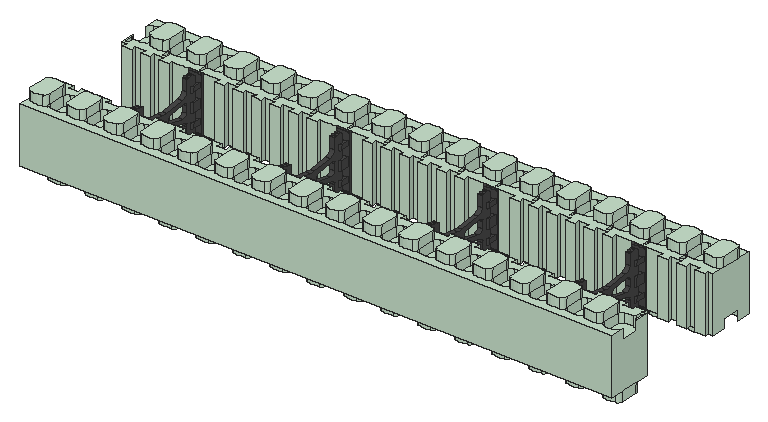
Revit family
Reference planes
  plane 1 "Center (Front/Back)": y = 0
  plane 2: z = 0
  plane 3 "Center (Left/Right)": x = 0
Forms (mm)
  Extrusion 1, solid, material "NUDURA Expanded Polystyrene Foam Insulation"
    sketch origin (0, 0.506, 0) x (1, 0, 0) y (0, 1, 0)
      loop
        line (0, 60.325) -> (0, 0) -> (812.8, 0) -> (812.8, 60.325) -> (805.658, 60.325) -> (807.242, 66.675) -> (792.958, 66.675) -> (794.542, 60.325) -> (780.258, 60.325) -> (781.842, 66.675) -> (767.558, 66.675) -> (769.142, 60.325) -> (754.858, 60.325) -> (756.442, 66.675) -> (742.158, 66.675) -> (743.742, 60.325) -> (678.658, 60.325) -> (680.242, 66.675) -> (665.958, 66.675) -> (667.542, 60.325) -> (653.258, 60.325) -> (654.842, 66.675) -> (640.558, 66.675) -> (642.142, 60.325) -> (627.858, 60.325) -> (629.442, 66.675) -> (615.158, 66.675) -> (616.742, 60.325) -> (602.458, 60.325) -> (604.042, 66.675) -> (589.758, 66.675) -> (591.342, 60.325) -> (577.058, 60.325) -> (578.642, 66.675) -> (564.358, 66.675) -> (565.942, 60.325) -> (551.658, 60.325) -> (553.242, 66.675) -> (538.958, 66.675) -> (540.542, 60.325) -> (475.458, 60.325) -> (477.042, 66.675) -> (462.758, 66.675) -> (464.342, 60.325) -> (450.058, 60.325) -> (451.642, 66.675) -> (437.358, 66.675) -> (438.942, 60.325) -> (424.658, 60.325) -> (426.242, 66.675) -> (411.958, 66.675) -> (413.542, 60.325) -> (399.258, 60.325) -> (400.842, 66.675) -> (386.558, 66.675) -> (388.142, 60.325) -> (373.858, 60.325) -> (375.442, 66.675) -> (361.158, 66.675) -> (362.742, 60.325) -> (348.458, 60.325) -> (350.042, 66.675) -> (335.758, 66.675) -> (337.342, 60.325) -> (272.258, 60.325) -> (273.842, 66.675) -> (259.558, 66.675) -> (261.142, 60.325) -> (246.858, 60.325) -> (248.442, 66.675) -> (234.158, 66.675) -> (235.742, 60.325) -> (221.458, 60.325) -> (223.042, 66.675) -> (208.758, 66.675) -> (210.342, 60.325) -> (196.058, 60.325) -> (197.642, 66.675) -> (183.358, 66.675) -> (184.942, 60.325) -> (170.658, 60.325) -> (172.242, 66.675) -> (157.958, 66.675) -> (159.542, 60.325) -> (145.258, 60.325) -> (146.842, 66.675) -> (132.558, 66.675) -> (134.142, 60.325) -> (69.058, 60.325) -> (70.642, 66.675) -> (56.358, 66.675) -> (57.942, 60.325) -> (43.658, 60.325) -> (45.242, 66.675) -> (30.958, 66.675) -> (32.542, 60.325) -> (18.258, 60.325) -> (19.842, 66.675) -> (5.558, 66.675) -> (7.142, 60.325) -> (0, 60.325)
      loop
        line (0, 174.625) -> (7.142, 174.625) -> (5.558, 168.275) -> (19.842, 168.275) -> (18.258, 174.625) -> (32.542, 174.625) -> (30.958, 168.275) -> (45.242, 168.275) -> (43.658, 174.625) -> (57.942, 174.625) -> (56.358, 168.275) -> (70.642, 168.275) -> (69.058, 174.625) -> (134.142, 174.625) -> (132.558, 168.275) -> (146.842, 168.275) -> (145.258, 174.625) -> (159.542, 174.625) -> (157.958, 168.275) -> (172.242, 168.275) -> (170.658, 174.625) -> (184.942, 174.625) -> (183.358, 168.275) -> (197.642, 168.275) -> (196.058, 174.625) -> (210.342, 174.625) -> (208.758, 168.275) -> (223.042, 168.275) -> (221.458, 174.625) -> (235.742, 174.625) -> (234.158, 168.275) -> (248.442, 168.275) -> (246.858, 174.625) -> (261.142, 174.625) -> (259.558, 168.275) -> (273.842, 168.275) -> (272.258, 174.625) -> (337.342, 174.625) -> (335.758, 168.275) -> (350.042, 168.275) -> (348.458, 174.625) -> (362.742, 174.625) -> (361.158, 168.275) -> (375.442, 168.275) -> (373.858, 174.625) -> (388.142, 174.625) -> (386.558, 168.275) -> (400.842, 168.275) -> (399.258, 174.625) -> (413.542, 174.625) -> (411.958, 168.275) -> (426.242, 168.275) -> (424.658, 174.625) -> (438.942, 174.625) -> (437.358, 168.275) -> (451.642, 168.275) -> (450.058, 174.625) -> (464.342, 174.625) -> (462.758, 168.275) -> (477.042, 168.275) -> (475.458, 174.625) -> (540.542, 174.625) -> (538.958, 168.275) -> (553.242, 168.275) -> (551.658, 174.625) -> (565.942, 174.625) -> (564.358, 168.275) -> (578.642, 168.275) -> (577.058, 174.625) -> (591.342, 174.625) -> (589.758, 168.275) -> (604.042, 168.275) -> (602.458, 174.625) -> (616.742, 174.625) -> (615.158, 168.275) -> (629.442, 168.275) -> (627.858, 174.625) -> (642.142, 174.625) -> (640.558, 168.275) -> (654.842, 168.275) -> (653.258, 174.625) -> (667.542, 174.625) -> (665.958, 168.275) -> (680.242, 168.275) -> (678.658, 174.625) -> (743.742, 174.625) -> (742.158, 168.275) -> (756.442, 168.275) -> (754.858, 174.625) -> (769.142, 174.625) -> (767.558, 168.275) -> (781.842, 168.275) -> (780.258, 174.625) -> (794.542, 174.625) -> (792.958, 168.275) -> (807.242, 168.275) -> (805.658, 174.625) -> (812.8, 174.625) -> (812.8, 234.95) -> (0, 234.95) -> (0, 174.625)
    from 0 to 76.2
  Extrusion 2, void
    sketch origin (0, 0.506, 0) x (1, 0, 0) y (0, 1, 0)
      loop
        line (44.346, 56.046) -> (44.346, 50.418)
        arc (44.346, 50.418) -> (43.786, 49.207) -> (42.5, 48.851) r 1.587
        arc (42.5, 48.851) -> (36.091, 49.138) -> (29.796, 47.903) r 26.987
        arc (29.796, 47.903) -> (26.615, 45.597) -> (25.4, 41.861) r 6.35
        line (25.4, 41.861) -> (25.4, 18.464)
        arc (25.4, 18.464) -> (26.615, 14.728) -> (29.796, 12.422) r 6.35
        arc (29.796, 12.422) -> (38.1, 11.112) -> (46.404, 12.422) r 26.987
        arc (46.404, 12.422) -> (49.585, 14.728) -> (50.8, 18.464) r 6.35
        line (50.8, 18.464) -> (50.8, 41.861)
        arc (50.8, 41.861) -> (50.362, 44.179) -> (49.108, 46.177) r 6.35
        arc (49.108, 46.177) -> (48.795, 46.676) -> (48.685, 47.255) r 1.588
        line (48.685, 47.255) -> (48.685, 56.046) -> (44.346, 56.046)
    from 76.2 to 63.5
  Extrusion 3, void
    sketch origin (50.8, 0.506, 0) x (1, 0, 0) y (0, 1, 0)
      loop
        line (44.346, 56.046) -> (44.346, 50.418)
        arc (44.346, 50.418) -> (43.786, 49.207) -> (42.5, 48.851) r 1.587
        arc (42.5, 48.851) -> (36.091, 49.138) -> (29.796, 47.903) r 26.987
        arc (29.796, 47.903) -> (26.615, 45.597) -> (25.4, 41.861) r 6.35
        line (25.4, 41.861) -> (25.4, 18.464)
        arc (25.4, 18.464) -> (26.615, 14.728) -> (29.796, 12.422) r 6.35
        arc (29.796, 12.422) -> (38.1, 11.112) -> (46.404, 12.422) r 26.987
        arc (46.404, 12.422) -> (49.585, 14.728) -> (50.8, 18.464) r 6.35
        line (50.8, 18.464) -> (50.8, 41.861)
        arc (50.8, 41.861) -> (50.362, 44.179) -> (49.108, 46.177) r 6.35
        arc (49.108, 46.177) -> (48.795, 46.676) -> (48.685, 47.255) r 1.588
        line (48.685, 47.255) -> (48.685, 56.046) -> (44.346, 56.046)
    from 76.2 to 63.5
  Extrusion 4, void
    sketch origin (101.6, 0.506, 0) x (1, 0, 0) y (0, 1, 0)
      loop
        line (44.346, 56.046) -> (44.346, 50.418)
        arc (44.346, 50.418) -> (43.786, 49.207) -> (42.5, 48.851) r 1.587
        arc (42.5, 48.851) -> (36.091, 49.138) -> (29.796, 47.903) r 26.987
        arc (29.796, 47.903) -> (26.615, 45.597) -> (25.4, 41.861) r 6.35
        line (25.4, 41.861) -> (25.4, 18.464)
        arc (25.4, 18.464) -> (26.615, 14.728) -> (29.796, 12.422) r 6.35
        arc (29.796, 12.422) -> (38.1, 11.112) -> (46.404, 12.422) r 26.987
        arc (46.404, 12.422) -> (49.585, 14.728) -> (50.8, 18.464) r 6.35
        line (50.8, 18.464) -> (50.8, 41.861)
        arc (50.8, 41.861) -> (50.362, 44.179) -> (49.108, 46.177) r 6.35
        arc (49.108, 46.177) -> (48.795, 46.676) -> (48.685, 47.255) r 1.588
        line (48.685, 47.255) -> (48.685, 56.046) -> (44.346, 56.046)
    from 76.2 to 63.5
  Extrusion 5, void
    sketch origin (152.4, 0.506, 0) x (1, 0, 0) y (0, 1, 0)
      loop
        line (44.346, 56.046) -> (44.346, 50.418)
        arc (44.346, 50.418) -> (43.786, 49.207) -> (42.5, 48.851) r 1.587
        arc (42.5, 48.851) -> (36.091, 49.138) -> (29.796, 47.903) r 26.987
        arc (29.796, 47.903) -> (26.615, 45.597) -> (25.4, 41.861) r 6.35
        line (25.4, 41.861) -> (25.4, 18.464)
        arc (25.4, 18.464) -> (26.615, 14.728) -> (29.796, 12.422) r 6.35
        arc (29.796, 12.422) -> (38.1, 11.112) -> (46.404, 12.422) r 26.987
        arc (46.404, 12.422) -> (49.585, 14.728) -> (50.8, 18.464) r 6.35
        line (50.8, 18.464) -> (50.8, 41.861)
        arc (50.8, 41.861) -> (50.362, 44.179) -> (49.108, 46.177) r 6.35
        arc (49.108, 46.177) -> (48.795, 46.676) -> (48.685, 47.255) r 1.588
        line (48.685, 47.255) -> (48.685, 56.046) -> (44.346, 56.046)
    from 76.2 to 63.5
  Extrusion 6, void
    sketch origin (203.2, 0.506, 0) x (1, 0, 0) y (0, 1, 0)
      loop
        line (44.346, 56.046) -> (44.346, 50.418)
        arc (44.346, 50.418) -> (43.786, 49.207) -> (42.5, 48.851) r 1.587
        arc (42.5, 48.851) -> (36.091, 49.138) -> (29.796, 47.903) r 26.987
        arc (29.796, 47.903) -> (26.615, 45.597) -> (25.4, 41.861) r 6.35
        line (25.4, 41.861) -> (25.4, 18.464)
        arc (25.4, 18.464) -> (26.615, 14.728) -> (29.796, 12.422) r 6.35
        arc (29.796, 12.422) -> (38.1, 11.112) -> (46.404, 12.422) r 26.987
        arc (46.404, 12.422) -> (49.585, 14.728) -> (50.8, 18.464) r 6.35
        line (50.8, 18.464) -> (50.8, 41.861)
        arc (50.8, 41.861) -> (50.362, 44.179) -> (49.108, 46.177) r 6.35
        arc (49.108, 46.177) -> (48.795, 46.676) -> (48.685, 47.255) r 1.588
        line (48.685, 47.255) -> (48.685, 56.046) -> (44.346, 56.046)
    from 76.2 to 63.5
  Extrusion 7, void
    sketch origin (254, 0.506, 0) x (1, 0, 0) y (0, 1, 0)
      loop
        line (44.346, 56.046) -> (44.346, 50.418)
        arc (44.346, 50.418) -> (43.786, 49.207) -> (42.5, 48.851) r 1.587
        arc (42.5, 48.851) -> (36.091, 49.138) -> (29.796, 47.903) r 26.987
        arc (29.796, 47.903) -> (26.615, 45.597) -> (25.4, 41.861) r 6.35
        line (25.4, 41.861) -> (25.4, 18.464)
        arc (25.4, 18.464) -> (26.615, 14.728) -> (29.796, 12.422) r 6.35
        arc (29.796, 12.422) -> (38.1, 11.112) -> (46.404, 12.422) r 26.987
        arc (46.404, 12.422) -> (49.585, 14.728) -> (50.8, 18.464) r 6.35
        line (50.8, 18.464) -> (50.8, 41.861)
        arc (50.8, 41.861) -> (50.362, 44.179) -> (49.108, 46.177) r 6.35
        arc (49.108, 46.177) -> (48.795, 46.676) -> (48.685, 47.255) r 1.588
        line (48.685, 47.255) -> (48.685, 56.046) -> (44.346, 56.046)
    from 76.2 to 63.5
  Extrusion 8, void
    sketch origin (304.8, 0.506, 0) x (1, 0, 0) y (0, 1, 0)
      loop
        line (44.346, 56.046) -> (44.346, 50.418)
        arc (44.346, 50.418) -> (43.786, 49.207) -> (42.5, 48.851) r 1.587
        arc (42.5, 48.851) -> (36.091, 49.138) -> (29.796, 47.903) r 26.987
        arc (29.796, 47.903) -> (26.615, 45.597) -> (25.4, 41.861) r 6.35
        line (25.4, 41.861) -> (25.4, 18.464)
        arc (25.4, 18.464) -> (26.615, 14.728) -> (29.796, 12.422) r 6.35
        arc (29.796, 12.422) -> (38.1, 11.112) -> (46.404, 12.422) r 26.987
        arc (46.404, 12.422) -> (49.585, 14.728) -> (50.8, 18.464) r 6.35
        line (50.8, 18.464) -> (50.8, 41.861)
        arc (50.8, 41.861) -> (50.362, 44.179) -> (49.108, 46.177) r 6.35
        arc (49.108, 46.177) -> (48.795, 46.676) -> (48.685, 47.255) r 1.588
        line (48.685, 47.255) -> (48.685, 56.046) -> (44.346, 56.046)
    from 76.2 to 63.5
  Extrusion 9, void
    sketch origin (355.6, 0.506, 0) x (1, 0, 0) y (0, 1, 0)
      loop
        line (44.346, 56.046) -> (44.346, 50.418)
        arc (44.346, 50.418) -> (43.786, 49.207) -> (42.5, 48.851) r 1.587
        arc (42.5, 48.851) -> (36.091, 49.138) -> (29.796, 47.903) r 26.987
        arc (29.796, 47.903) -> (26.615, 45.597) -> (25.4, 41.861) r 6.35
        line (25.4, 41.861) -> (25.4, 18.464)
        arc (25.4, 18.464) -> (26.615, 14.728) -> (29.796, 12.422) r 6.35
        arc (29.796, 12.422) -> (38.1, 11.112) -> (46.404, 12.422) r 26.987
        arc (46.404, 12.422) -> (49.585, 14.728) -> (50.8, 18.464) r 6.35
        line (50.8, 18.464) -> (50.8, 41.861)
        arc (50.8, 41.861) -> (50.362, 44.179) -> (49.108, 46.177) r 6.35
        arc (49.108, 46.177) -> (48.795, 46.676) -> (48.685, 47.255) r 1.588
        line (48.685, 47.255) -> (48.685, 56.046) -> (44.346, 56.046)
    from 76.2 to 63.5
  Extrusion 10, void
    sketch origin (406.4, 0.506, 0) x (1, 0, 0) y (0, 1, 0)
      loop
        line (44.346, 56.046) -> (44.346, 50.418)
        arc (44.346, 50.418) -> (43.786, 49.207) -> (42.5, 48.851) r 1.587
        arc (42.5, 48.851) -> (36.091, 49.138) -> (29.796, 47.903) r 26.987
        arc (29.796, 47.903) -> (26.615, 45.597) -> (25.4, 41.861) r 6.35
        line (25.4, 41.861) -> (25.4, 18.464)
        arc (25.4, 18.464) -> (26.615, 14.728) -> (29.796, 12.422) r 6.35
        arc (29.796, 12.422) -> (38.1, 11.112) -> (46.404, 12.422) r 26.987
        arc (46.404, 12.422) -> (49.585, 14.728) -> (50.8, 18.464) r 6.35
        line (50.8, 18.464) -> (50.8, 41.861)
        arc (50.8, 41.861) -> (50.362, 44.179) -> (49.108, 46.177) r 6.35
        arc (49.108, 46.177) -> (48.795, 46.676) -> (48.685, 47.255) r 1.588
        line (48.685, 47.255) -> (48.685, 56.046) -> (44.346, 56.046)
    from 76.2 to 63.5
  Extrusion 11, void
    sketch origin (457.2, 0.506, 0) x (1, 0, 0) y (0, 1, 0)
      loop
        line (44.346, 56.046) -> (44.346, 50.418)
        arc (44.346, 50.418) -> (43.786, 49.207) -> (42.5, 48.851) r 1.587
        arc (42.5, 48.851) -> (36.091, 49.138) -> (29.796, 47.903) r 26.987
        arc (29.796, 47.903) -> (26.615, 45.597) -> (25.4, 41.861) r 6.35
        line (25.4, 41.861) -> (25.4, 18.464)
        arc (25.4, 18.464) -> (26.615, 14.728) -> (29.796, 12.422) r 6.35
        arc (29.796, 12.422) -> (38.1, 11.112) -> (46.404, 12.422) r 26.987
        arc (46.404, 12.422) -> (49.585, 14.728) -> (50.8, 18.464) r 6.35
        line (50.8, 18.464) -> (50.8, 41.861)
        arc (50.8, 41.861) -> (50.362, 44.179) -> (49.108, 46.177) r 6.35
        arc (49.108, 46.177) -> (48.795, 46.676) -> (48.685, 47.255) r 1.588
        line (48.685, 47.255) -> (48.685, 56.046) -> (44.346, 56.046)
    from 76.2 to 63.5
  Extrusion 12, void
    sketch origin (508, 0.506, 0) x (1, 0, 0) y (0, 1, 0)
      loop
        line (44.346, 56.046) -> (44.346, 50.418)
        arc (44.346, 50.418) -> (43.786, 49.207) -> (42.5, 48.851) r 1.587
        arc (42.5, 48.851) -> (36.091, 49.138) -> (29.796, 47.903) r 26.987
        arc (29.796, 47.903) -> (26.615, 45.597) -> (25.4, 41.861) r 6.35
        line (25.4, 41.861) -> (25.4, 18.464)
        arc (25.4, 18.464) -> (26.615, 14.728) -> (29.796, 12.422) r 6.35
        arc (29.796, 12.422) -> (38.1, 11.112) -> (46.404, 12.422) r 26.987
        arc (46.404, 12.422) -> (49.585, 14.728) -> (50.8, 18.464) r 6.35
        line (50.8, 18.464) -> (50.8, 41.861)
        arc (50.8, 41.861) -> (50.362, 44.179) -> (49.108, 46.177) r 6.35
        arc (49.108, 46.177) -> (48.795, 46.676) -> (48.685, 47.255) r 1.588
        line (48.685, 47.255) -> (48.685, 56.046) -> (44.346, 56.046)
    from 76.2 to 63.5
  Extrusion 13, void
    sketch origin (558.8, 0.506, 0) x (1, 0, 0) y (0, 1, 0)
      loop
        line (44.346, 56.046) -> (44.346, 50.418)
        arc (44.346, 50.418) -> (43.786, 49.207) -> (42.5, 48.851) r 1.587
        arc (42.5, 48.851) -> (36.091, 49.138) -> (29.796, 47.903) r 26.987
        arc (29.796, 47.903) -> (26.615, 45.597) -> (25.4, 41.861) r 6.35
        line (25.4, 41.861) -> (25.4, 18.464)
        arc (25.4, 18.464) -> (26.615, 14.728) -> (29.796, 12.422) r 6.35
        arc (29.796, 12.422) -> (38.1, 11.112) -> (46.404, 12.422) r 26.987
        arc (46.404, 12.422) -> (49.585, 14.728) -> (50.8, 18.464) r 6.35
        line (50.8, 18.464) -> (50.8, 41.861)
        arc (50.8, 41.861) -> (50.362, 44.179) -> (49.108, 46.177) r 6.35
        arc (49.108, 46.177) -> (48.795, 46.676) -> (48.685, 47.255) r 1.588
        line (48.685, 47.255) -> (48.685, 56.046) -> (44.346, 56.046)
    from 76.2 to 63.5
  Extrusion 14, void
    sketch origin (609.6, 0.506, 0) x (1, 0, 0) y (0, 1, 0)
      loop
        line (44.346, 56.046) -> (44.346, 50.418)
        arc (44.346, 50.418) -> (43.786, 49.207) -> (42.5, 48.851) r 1.587
        arc (42.5, 48.851) -> (36.091, 49.138) -> (29.796, 47.903) r 26.987
        arc (29.796, 47.903) -> (26.615, 45.597) -> (25.4, 41.861) r 6.35
        line (25.4, 41.861) -> (25.4, 18.464)
        arc (25.4, 18.464) -> (26.615, 14.728) -> (29.796, 12.422) r 6.35
        arc (29.796, 12.422) -> (38.1, 11.112) -> (46.404, 12.422) r 26.987
        arc (46.404, 12.422) -> (49.585, 14.728) -> (50.8, 18.464) r 6.35
        line (50.8, 18.464) -> (50.8, 41.861)
        arc (50.8, 41.861) -> (50.362, 44.179) -> (49.108, 46.177) r 6.35
        arc (49.108, 46.177) -> (48.795, 46.676) -> (48.685, 47.255) r 1.588
        line (48.685, 47.255) -> (48.685, 56.046) -> (44.346, 56.046)
    from 76.2 to 63.5
  Extrusion 15, void
    sketch origin (660.4, 0.506, 0) x (1, 0, 0) y (0, 1, 0)
      loop
        line (44.346, 56.046) -> (44.346, 50.418)
        arc (44.346, 50.418) -> (43.786, 49.207) -> (42.5, 48.851) r 1.587
        arc (42.5, 48.851) -> (36.091, 49.138) -> (29.796, 47.903) r 26.987
        arc (29.796, 47.903) -> (26.615, 45.597) -> (25.4, 41.861) r 6.35
        line (25.4, 41.861) -> (25.4, 18.464)
        arc (25.4, 18.464) -> (26.615, 14.728) -> (29.796, 12.422) r 6.35
        arc (29.796, 12.422) -> (38.1, 11.112) -> (46.404, 12.422) r 26.987
        arc (46.404, 12.422) -> (49.585, 14.728) -> (50.8, 18.464) r 6.35
        line (50.8, 18.464) -> (50.8, 41.861)
        arc (50.8, 41.861) -> (50.362, 44.179) -> (49.108, 46.177) r 6.35
        arc (49.108, 46.177) -> (48.795, 46.676) -> (48.685, 47.255) r 1.588
        line (48.685, 47.255) -> (48.685, 56.046) -> (44.346, 56.046)
    from 76.2 to 63.5
  Extrusion 16, void
    sketch origin (711.2, 0.506, 0) x (1, 0, 0) y (0, 1, 0)
      loop
        line (44.346, 56.046) -> (44.346, 50.418)
        arc (44.346, 50.418) -> (43.786, 49.207) -> (42.5, 48.851) r 1.587
        arc (42.5, 48.851) -> (36.091, 49.138) -> (29.796, 47.903) r 26.987
        arc (29.796, 47.903) -> (26.615, 45.597) -> (25.4, 41.861) r 6.35
        line (25.4, 41.861) -> (25.4, 18.464)
        arc (25.4, 18.464) -> (26.615, 14.728) -> (29.796, 12.422) r 6.35
        arc (29.796, 12.422) -> (38.1, 11.112) -> (46.404, 12.422) r 26.987
        arc (46.404, 12.422) -> (49.585, 14.728) -> (50.8, 18.464) r 6.35
        line (50.8, 18.464) -> (50.8, 41.861)
        arc (50.8, 41.861) -> (50.362, 44.179) -> (49.108, 46.177) r 6.35
        arc (49.108, 46.177) -> (48.795, 46.676) -> (48.685, 47.255) r 1.588
        line (48.685, 47.255) -> (48.685, 56.046) -> (44.346, 56.046)
    from 76.2 to 63.5
  Extrusion 17, void
    sketch origin (762, 0.506, 0) x (1, 0, 0) y (0, 1, 0)
      loop
        line (44.346, 56.046) -> (44.346, 50.418)
        arc (44.346, 50.418) -> (43.786, 49.207) -> (42.5, 48.851) r 1.587
        arc (42.5, 48.851) -> (36.091, 49.138) -> (29.796, 47.903) r 26.987
        arc (29.796, 47.903) -> (26.615, 45.597) -> (25.4, 41.861) r 6.35
        line (25.4, 41.861) -> (25.4, 18.464)
        arc (25.4, 18.464) -> (26.615, 14.728) -> (29.796, 12.422) r 6.35
        arc (29.796, 12.422) -> (38.1, 11.112) -> (46.404, 12.422) r 26.987
        arc (46.404, 12.422) -> (49.585, 14.728) -> (50.8, 18.464) r 6.35
        line (50.8, 18.464) -> (50.8, 41.861)
        arc (50.8, 41.861) -> (50.362, 44.179) -> (49.108, 46.177) r 6.35
        arc (49.108, 46.177) -> (48.795, 46.676) -> (48.685, 47.255) r 1.588
        line (48.685, 47.255) -> (48.685, 56.046) -> (44.346, 56.046)
    from 76.2 to 63.5
  Extrusion 18, void
    sketch origin (0, 0.506, 0) x (1, 0, 0) y (0, 1, 0)
      loop
        line (6.454, 56.046) -> (2.115, 56.046) -> (2.115, 47.255)
        arc (2.115, 47.255) -> (2.005, 46.676) -> (1.692, 46.177) r 1.588
        arc (1.692, 46.177) -> (0.438, 44.179) -> (0, 41.861) r 6.35
        line (0, 41.861) -> (0, 18.464)
        arc (0, 18.464) -> (1.215, 14.728) -> (4.396, 12.422) r 6.35
        arc (4.396, 12.422) -> (12.7, 11.112) -> (21.004, 12.422) r 26.987
        arc (21.004, 12.422) -> (24.185, 14.728) -> (25.4, 18.464) r 6.35
        line (25.4, 18.464) -> (25.4, 41.861)
        arc (25.4, 41.861) -> (24.185, 45.597) -> (21.004, 47.903) r 6.35
        arc (21.004, 47.903) -> (14.709, 49.138) -> (8.3, 48.851) r 26.987
        arc (8.3, 48.851) -> (7.014, 49.207) -> (6.454, 50.418) r 1.587
        line (6.454, 50.418) -> (6.454, 56.046)
    from 0 to 12.7
  Extrusion 19, void
    sketch origin (50.8, 0.506, 0) x (1, 0, 0) y (0, 1, 0)
      loop
        line (6.454, 56.046) -> (2.115, 56.046) -> (2.115, 47.255)
        arc (2.115, 47.255) -> (2.005, 46.676) -> (1.692, 46.177) r 1.588
        arc (1.692, 46.177) -> (0.438, 44.179) -> (0, 41.861) r 6.35
        line (0, 41.861) -> (0, 18.464)
        arc (0, 18.464) -> (1.215, 14.728) -> (4.396, 12.422) r 6.35
        arc (4.396, 12.422) -> (12.7, 11.112) -> (21.004, 12.422) r 26.987
        arc (21.004, 12.422) -> (24.185, 14.728) -> (25.4, 18.464) r 6.35
        line (25.4, 18.464) -> (25.4, 41.861)
        arc (25.4, 41.861) -> (24.185, 45.597) -> (21.004, 47.903) r 6.35
        arc (21.004, 47.903) -> (14.709, 49.138) -> (8.3, 48.851) r 26.987
        arc (8.3, 48.851) -> (7.014, 49.207) -> (6.454, 50.418) r 1.587
        line (6.454, 50.418) -> (6.454, 56.046)
    from 0 to 12.7
  Extrusion 20, void
    sketch origin (101.6, 0.506, 0) x (1, 0, 0) y (0, 1, 0)
      loop
        line (6.454, 56.046) -> (2.115, 56.046) -> (2.115, 47.255)
        arc (2.115, 47.255) -> (2.005, 46.676) -> (1.692, 46.177) r 1.588
        arc (1.692, 46.177) -> (0.438, 44.179) -> (0, 41.861) r 6.35
        line (0, 41.861) -> (0, 18.464)
        arc (0, 18.464) -> (1.215, 14.728) -> (4.396, 12.422) r 6.35
        arc (4.396, 12.422) -> (12.7, 11.112) -> (21.004, 12.422) r 26.987
        arc (21.004, 12.422) -> (24.185, 14.728) -> (25.4, 18.464) r 6.35
        line (25.4, 18.464) -> (25.4, 41.861)
        arc (25.4, 41.861) -> (24.185, 45.597) -> (21.004, 47.903) r 6.35
        arc (21.004, 47.903) -> (14.709, 49.138) -> (8.3, 48.851) r 26.987
        arc (8.3, 48.851) -> (7.014, 49.207) -> (6.454, 50.418) r 1.587
        line (6.454, 50.418) -> (6.454, 56.046)
    from 0 to 12.7
  Extrusion 21, void
    sketch origin (152.4, 0.506, 0) x (1, 0, 0) y (0, 1, 0)
      loop
        line (6.454, 56.046) -> (2.115, 56.046) -> (2.115, 47.255)
        arc (2.115, 47.255) -> (2.005, 46.676) -> (1.692, 46.177) r 1.588
        arc (1.692, 46.177) -> (0.438, 44.179) -> (0, 41.861) r 6.35
        line (0, 41.861) -> (0, 18.464)
        arc (0, 18.464) -> (1.215, 14.728) -> (4.396, 12.422) r 6.35
        arc (4.396, 12.422) -> (12.7, 11.112) -> (21.004, 12.422) r 26.987
        arc (21.004, 12.422) -> (24.185, 14.728) -> (25.4, 18.464) r 6.35
        line (25.4, 18.464) -> (25.4, 41.861)
        arc (25.4, 41.861) -> (24.185, 45.597) -> (21.004, 47.903) r 6.35
        arc (21.004, 47.903) -> (14.709, 49.138) -> (8.3, 48.851) r 26.987
        arc (8.3, 48.851) -> (7.014, 49.207) -> (6.454, 50.418) r 1.587
        line (6.454, 50.418) -> (6.454, 56.046)
    from 0 to 12.7
  Extrusion 22, void
    sketch origin (203.2, 0.506, 0) x (1, 0, 0) y (0, 1, 0)
      loop
        line (6.454, 56.046) -> (2.115, 56.046) -> (2.115, 47.255)
        arc (2.115, 47.255) -> (2.005, 46.676) -> (1.692, 46.177) r 1.588
        arc (1.692, 46.177) -> (0.438, 44.179) -> (0, 41.861) r 6.35
        line (0, 41.861) -> (0, 18.464)
        arc (0, 18.464) -> (1.215, 14.728) -> (4.396, 12.422) r 6.35
        arc (4.396, 12.422) -> (12.7, 11.112) -> (21.004, 12.422) r 26.987
        arc (21.004, 12.422) -> (24.185, 14.728) -> (25.4, 18.464) r 6.35
        line (25.4, 18.464) -> (25.4, 41.861)
        arc (25.4, 41.861) -> (24.185, 45.597) -> (21.004, 47.903) r 6.35
        arc (21.004, 47.903) -> (14.709, 49.138) -> (8.3, 48.851) r 26.987
        arc (8.3, 48.851) -> (7.014, 49.207) -> (6.454, 50.418) r 1.587
        line (6.454, 50.418) -> (6.454, 56.046)
    from 0 to 12.7
  Extrusion 23, void
    sketch origin (254, 0.506, 0) x (1, 0, 0) y (0, 1, 0)
      loop
        line (6.454, 56.046) -> (2.115, 56.046) -> (2.115, 47.255)
        arc (2.115, 47.255) -> (2.005, 46.676) -> (1.692, 46.177) r 1.588
        arc (1.692, 46.177) -> (0.438, 44.179) -> (0, 41.861) r 6.35
        line (0, 41.861) -> (0, 18.464)
        arc (0, 18.464) -> (1.215, 14.728) -> (4.396, 12.422) r 6.35
        arc (4.396, 12.422) -> (12.7, 11.112) -> (21.004, 12.422) r 26.987
        arc (21.004, 12.422) -> (24.185, 14.728) -> (25.4, 18.464) r 6.35
        line (25.4, 18.464) -> (25.4, 41.861)
        arc (25.4, 41.861) -> (24.185, 45.597) -> (21.004, 47.903) r 6.35
        arc (21.004, 47.903) -> (14.709, 49.138) -> (8.3, 48.851) r 26.987
        arc (8.3, 48.851) -> (7.014, 49.207) -> (6.454, 50.418) r 1.587
        line (6.454, 50.418) -> (6.454, 56.046)
    from 0 to 12.7
  Extrusion 24, void
    sketch origin (304.8, 0.506, 0) x (1, 0, 0) y (0, 1, 0)
      loop
        line (6.454, 56.046) -> (2.115, 56.046) -> (2.115, 47.255)
        arc (2.115, 47.255) -> (2.005, 46.676) -> (1.692, 46.177) r 1.588
        arc (1.692, 46.177) -> (0.438, 44.179) -> (0, 41.861) r 6.35
        line (0, 41.861) -> (0, 18.464)
        arc (0, 18.464) -> (1.215, 14.728) -> (4.396, 12.422) r 6.35
        arc (4.396, 12.422) -> (12.7, 11.112) -> (21.004, 12.422) r 26.987
        arc (21.004, 12.422) -> (24.185, 14.728) -> (25.4, 18.464) r 6.35
        line (25.4, 18.464) -> (25.4, 41.861)
        arc (25.4, 41.861) -> (24.185, 45.597) -> (21.004, 47.903) r 6.35
        arc (21.004, 47.903) -> (14.709, 49.138) -> (8.3, 48.851) r 26.987
        arc (8.3, 48.851) -> (7.014, 49.207) -> (6.454, 50.418) r 1.587
        line (6.454, 50.418) -> (6.454, 56.046)
    from 0 to 12.7
  Extrusion 25, void
    sketch origin (355.6, 0.506, 0) x (1, 0, 0) y (0, 1, 0)
      loop
        line (6.454, 56.046) -> (2.115, 56.046) -> (2.115, 47.255)
        arc (2.115, 47.255) -> (2.005, 46.676) -> (1.692, 46.177) r 1.588
        arc (1.692, 46.177) -> (0.438, 44.179) -> (0, 41.861) r 6.35
        line (0, 41.861) -> (0, 18.464)
        arc (0, 18.464) -> (1.215, 14.728) -> (4.396, 12.422) r 6.35
        arc (4.396, 12.422) -> (12.7, 11.112) -> (21.004, 12.422) r 26.987
        arc (21.004, 12.422) -> (24.185, 14.728) -> (25.4, 18.464) r 6.35
        line (25.4, 18.464) -> (25.4, 41.861)
        arc (25.4, 41.861) -> (24.185, 45.597) -> (21.004, 47.903) r 6.35
        arc (21.004, 47.903) -> (14.709, 49.138) -> (8.3, 48.851) r 26.987
        arc (8.3, 48.851) -> (7.014, 49.207) -> (6.454, 50.418) r 1.587
        line (6.454, 50.418) -> (6.454, 56.046)
    from 0 to 12.7
  Extrusion 26, void
    sketch origin (406.4, 0.506, 0) x (1, 0, 0) y (0, 1, 0)
      loop
        line (6.454, 56.046) -> (2.115, 56.046) -> (2.115, 47.255)
        arc (2.115, 47.255) -> (2.005, 46.676) -> (1.692, 46.177) r 1.588
        arc (1.692, 46.177) -> (0.438, 44.179) -> (0, 41.861) r 6.35
        line (0, 41.861) -> (0, 18.464)
        arc (0, 18.464) -> (1.215, 14.728) -> (4.396, 12.422) r 6.35
        arc (4.396, 12.422) -> (12.7, 11.112) -> (21.004, 12.422) r 26.987
        arc (21.004, 12.422) -> (24.185, 14.728) -> (25.4, 18.464) r 6.35
        line (25.4, 18.464) -> (25.4, 41.861)
        arc (25.4, 41.861) -> (24.185, 45.597) -> (21.004, 47.903) r 6.35
        arc (21.004, 47.903) -> (14.709, 49.138) -> (8.3, 48.851) r 26.987
        arc (8.3, 48.851) -> (7.014, 49.207) -> (6.454, 50.418) r 1.587
        line (6.454, 50.418) -> (6.454, 56.046)
    from 0 to 12.7
  Extrusion 27, void
    sketch origin (457.2, 0.506, 0) x (1, 0, 0) y (0, 1, 0)
      loop
        line (6.454, 56.046) -> (2.115, 56.046) -> (2.115, 47.255)
        arc (2.115, 47.255) -> (2.005, 46.676) -> (1.692, 46.177) r 1.588
        arc (1.692, 46.177) -> (0.438, 44.179) -> (0, 41.861) r 6.35
        line (0, 41.861) -> (0, 18.464)
        arc (0, 18.464) -> (1.215, 14.728) -> (4.396, 12.422) r 6.35
        arc (4.396, 12.422) -> (12.7, 11.112) -> (21.004, 12.422) r 26.987
        arc (21.004, 12.422) -> (24.185, 14.728) -> (25.4, 18.464) r 6.35
        line (25.4, 18.464) -> (25.4, 41.861)
        arc (25.4, 41.861) -> (24.185, 45.597) -> (21.004, 47.903) r 6.35
        arc (21.004, 47.903) -> (14.709, 49.138) -> (8.3, 48.851) r 26.987
        arc (8.3, 48.851) -> (7.014, 49.207) -> (6.454, 50.418) r 1.587
        line (6.454, 50.418) -> (6.454, 56.046)
    from 0 to 12.7
  Extrusion 28, void
    sketch origin (508, 0.506, 0) x (1, 0, 0) y (0, 1, 0)
      loop
        line (6.454, 56.046) -> (2.115, 56.046) -> (2.115, 47.255)
        arc (2.115, 47.255) -> (2.005, 46.676) -> (1.692, 46.177) r 1.588
        arc (1.692, 46.177) -> (0.438, 44.179) -> (0, 41.861) r 6.35
        line (0, 41.861) -> (0, 18.464)
        arc (0, 18.464) -> (1.215, 14.728) -> (4.396, 12.422) r 6.35
        arc (4.396, 12.422) -> (12.7, 11.112) -> (21.004, 12.422) r 26.987
        arc (21.004, 12.422) -> (24.185, 14.728) -> (25.4, 18.464) r 6.35
        line (25.4, 18.464) -> (25.4, 41.861)
        arc (25.4, 41.861) -> (24.185, 45.597) -> (21.004, 47.903) r 6.35
        arc (21.004, 47.903) -> (14.709, 49.138) -> (8.3, 48.851) r 26.987
        arc (8.3, 48.851) -> (7.014, 49.207) -> (6.454, 50.418) r 1.587
        line (6.454, 50.418) -> (6.454, 56.046)
    from 0 to 12.7
  Extrusion 29, void
    sketch origin (558.8, 0.506, 0) x (1, 0, 0) y (0, 1, 0)
      loop
        line (6.454, 56.046) -> (2.115, 56.046) -> (2.115, 47.255)
        arc (2.115, 47.255) -> (2.005, 46.676) -> (1.692, 46.177) r 1.588
        arc (1.692, 46.177) -> (0.438, 44.179) -> (0, 41.861) r 6.35
        line (0, 41.861) -> (0, 18.464)
        arc (0, 18.464) -> (1.215, 14.728) -> (4.396, 12.422) r 6.35
        arc (4.396, 12.422) -> (12.7, 11.112) -> (21.004, 12.422) r 26.987
        arc (21.004, 12.422) -> (24.185, 14.728) -> (25.4, 18.464) r 6.35
        line (25.4, 18.464) -> (25.4, 41.861)
        arc (25.4, 41.861) -> (24.185, 45.597) -> (21.004, 47.903) r 6.35
        arc (21.004, 47.903) -> (14.709, 49.138) -> (8.3, 48.851) r 26.987
        arc (8.3, 48.851) -> (7.014, 49.207) -> (6.454, 50.418) r 1.587
        line (6.454, 50.418) -> (6.454, 56.046)
    from 0 to 12.7
  Extrusion 30, void
    sketch origin (609.6, 0.506, 0) x (1, 0, 0) y (0, 1, 0)
      loop
        line (6.454, 56.046) -> (2.115, 56.046) -> (2.115, 47.255)
        arc (2.115, 47.255) -> (2.005, 46.676) -> (1.692, 46.177) r 1.588
        arc (1.692, 46.177) -> (0.438, 44.179) -> (0, 41.861) r 6.35
        line (0, 41.861) -> (0, 18.464)
        arc (0, 18.464) -> (1.215, 14.728) -> (4.396, 12.422) r 6.35
        arc (4.396, 12.422) -> (12.7, 11.112) -> (21.004, 12.422) r 26.987
        arc (21.004, 12.422) -> (24.185, 14.728) -> (25.4, 18.464) r 6.35
        line (25.4, 18.464) -> (25.4, 41.861)
        arc (25.4, 41.861) -> (24.185, 45.597) -> (21.004, 47.903) r 6.35
        arc (21.004, 47.903) -> (14.709, 49.138) -> (8.3, 48.851) r 26.987
        arc (8.3, 48.851) -> (7.014, 49.207) -> (6.454, 50.418) r 1.587
        line (6.454, 50.418) -> (6.454, 56.046)
    from 0 to 12.7
  Extrusion 31, void
    sketch origin (660.4, 0.506, 0) x (1, 0, 0) y (0, 1, 0)
      loop
        line (6.454, 56.046) -> (2.115, 56.046) -> (2.115, 47.255)
        arc (2.115, 47.255) -> (2.005, 46.676) -> (1.692, 46.177) r 1.588
        arc (1.692, 46.177) -> (0.438, 44.179) -> (0, 41.861) r 6.35
        line (0, 41.861) -> (0, 18.464)
        arc (0, 18.464) -> (1.215, 14.728) -> (4.396, 12.422) r 6.35
        arc (4.396, 12.422) -> (12.7, 11.112) -> (21.004, 12.422) r 26.987
        arc (21.004, 12.422) -> (24.185, 14.728) -> (25.4, 18.464) r 6.35
        line (25.4, 18.464) -> (25.4, 41.861)
        arc (25.4, 41.861) -> (24.185, 45.597) -> (21.004, 47.903) r 6.35
        arc (21.004, 47.903) -> (14.709, 49.138) -> (8.3, 48.851) r 26.987
        arc (8.3, 48.851) -> (7.014, 49.207) -> (6.454, 50.418) r 1.587
        line (6.454, 50.418) -> (6.454, 56.046)
    from 0 to 12.7
  Extrusion 32, void
    sketch origin (711.2, 0.506, 0) x (1, 0, 0) y (0, 1, 0)
      loop
        line (6.454, 56.046) -> (2.115, 56.046) -> (2.115, 47.255)
        arc (2.115, 47.255) -> (2.005, 46.676) -> (1.692, 46.177) r 1.588
        arc (1.692, 46.177) -> (0.438, 44.179) -> (0, 41.861) r 6.35
        line (0, 41.861) -> (0, 18.464)
        arc (0, 18.464) -> (1.215, 14.728) -> (4.396, 12.422) r 6.35
        arc (4.396, 12.422) -> (12.7, 11.112) -> (21.004, 12.422) r 26.987
        arc (21.004, 12.422) -> (24.185, 14.728) -> (25.4, 18.464) r 6.35
        line (25.4, 18.464) -> (25.4, 41.861)
        arc (25.4, 41.861) -> (24.185, 45.597) -> (21.004, 47.903) r 6.35
        arc (21.004, 47.903) -> (14.709, 49.138) -> (8.3, 48.851) r 26.987
        arc (8.3, 48.851) -> (7.014, 49.207) -> (6.454, 50.418) r 1.587
        line (6.454, 50.418) -> (6.454, 56.046)
    from 0 to 12.7
  Extrusion 33, void
    sketch origin (762, 0.506, 0) x (1, 0, 0) y (0, 1, 0)
      loop
        line (6.454, 56.046) -> (2.115, 56.046) -> (2.115, 47.255)
        arc (2.115, 47.255) -> (2.005, 46.676) -> (1.692, 46.177) r 1.588
        arc (1.692, 46.177) -> (0.438, 44.179) -> (0, 41.861) r 6.35
        line (0, 41.861) -> (0, 18.464)
        arc (0, 18.464) -> (1.215, 14.728) -> (4.396, 12.422) r 6.35
        arc (4.396, 12.422) -> (12.7, 11.112) -> (21.004, 12.422) r 26.987
        arc (21.004, 12.422) -> (24.185, 14.728) -> (25.4, 18.464) r 6.35
        line (25.4, 18.464) -> (25.4, 41.861)
        arc (25.4, 41.861) -> (24.185, 45.597) -> (21.004, 47.903) r 6.35
        arc (21.004, 47.903) -> (14.709, 49.138) -> (8.3, 48.851) r 26.987
        arc (8.3, 48.851) -> (7.014, 49.207) -> (6.454, 50.418) r 1.587
        line (6.454, 50.418) -> (6.454, 56.046)
    from 0 to 12.7
  Extrusion 34, void
    sketch origin (812.8, 235.456, 0) x (-1, 0, 0) y (0, -1, 0)
      loop
        line (44.346, 56.046) -> (44.346, 50.418)
        arc (44.346, 50.418) -> (43.786, 49.207) -> (42.5, 48.851) r 1.587
        arc (42.5, 48.851) -> (36.091, 49.138) -> (29.796, 47.903) r 26.987
        arc (29.796, 47.903) -> (26.615, 45.597) -> (25.4, 41.861) r 6.35
        line (25.4, 41.861) -> (25.4, 18.464)
        arc (25.4, 18.464) -> (26.615, 14.728) -> (29.796, 12.422) r 6.35
        arc (29.796, 12.422) -> (38.1, 11.112) -> (46.404, 12.422) r 26.987
        arc (46.404, 12.422) -> (49.585, 14.728) -> (50.8, 18.464) r 6.35
        line (50.8, 18.464) -> (50.8, 41.861)
        arc (50.8, 41.861) -> (50.362, 44.179) -> (49.108, 46.177) r 6.35
        arc (49.108, 46.177) -> (48.795, 46.676) -> (48.685, 47.255) r 1.588
        line (48.685, 47.255) -> (48.685, 56.046) -> (44.346, 56.046)
    from 76.2 to 63.5
  Extrusion 35, void
    sketch origin (762, 235.456, 0) x (-1, 0, 0) y (0, -1, 0)
      loop
        line (44.346, 56.046) -> (44.346, 50.418)
        arc (44.346, 50.418) -> (43.786, 49.207) -> (42.5, 48.851) r 1.587
        arc (42.5, 48.851) -> (36.091, 49.138) -> (29.796, 47.903) r 26.987
        arc (29.796, 47.903) -> (26.615, 45.597) -> (25.4, 41.861) r 6.35
        line (25.4, 41.861) -> (25.4, 18.464)
        arc (25.4, 18.464) -> (26.615, 14.728) -> (29.796, 12.422) r 6.35
        arc (29.796, 12.422) -> (38.1, 11.112) -> (46.404, 12.422) r 26.987
        arc (46.404, 12.422) -> (49.585, 14.728) -> (50.8, 18.464) r 6.35
        line (50.8, 18.464) -> (50.8, 41.861)
        arc (50.8, 41.861) -> (50.362, 44.179) -> (49.108, 46.177) r 6.35
        arc (49.108, 46.177) -> (48.795, 46.676) -> (48.685, 47.255) r 1.588
        line (48.685, 47.255) -> (48.685, 56.046) -> (44.346, 56.046)
    from 76.2 to 63.5
  Extrusion 36, void
    sketch origin (711.2, 235.456, 0) x (-1, 0, 0) y (0, -1, 0)
      loop
        line (44.346, 56.046) -> (44.346, 50.418)
        arc (44.346, 50.418) -> (43.786, 49.207) -> (42.5, 48.851) r 1.587
        arc (42.5, 48.851) -> (36.091, 49.138) -> (29.796, 47.903) r 26.987
        arc (29.796, 47.903) -> (26.615, 45.597) -> (25.4, 41.861) r 6.35
        line (25.4, 41.861) -> (25.4, 18.464)
        arc (25.4, 18.464) -> (26.615, 14.728) -> (29.796, 12.422) r 6.35
        arc (29.796, 12.422) -> (38.1, 11.112) -> (46.404, 12.422) r 26.987
        arc (46.404, 12.422) -> (49.585, 14.728) -> (50.8, 18.464) r 6.35
        line (50.8, 18.464) -> (50.8, 41.861)
        arc (50.8, 41.861) -> (50.362, 44.179) -> (49.108, 46.177) r 6.35
        arc (49.108, 46.177) -> (48.795, 46.676) -> (48.685, 47.255) r 1.588
        line (48.685, 47.255) -> (48.685, 56.046) -> (44.346, 56.046)
    from 76.2 to 63.5
  Extrusion 37, void
    sketch origin (660.4, 235.456, 0) x (-1, 0, 0) y (0, -1, 0)
      loop
        line (44.346, 56.046) -> (44.346, 50.418)
        arc (44.346, 50.418) -> (43.786, 49.207) -> (42.5, 48.851) r 1.587
        arc (42.5, 48.851) -> (36.091, 49.138) -> (29.796, 47.903) r 26.987
        arc (29.796, 47.903) -> (26.615, 45.597) -> (25.4, 41.861) r 6.35
        line (25.4, 41.861) -> (25.4, 18.464)
        arc (25.4, 18.464) -> (26.615, 14.728) -> (29.796, 12.422) r 6.35
        arc (29.796, 12.422) -> (38.1, 11.112) -> (46.404, 12.422) r 26.987
        arc (46.404, 12.422) -> (49.585, 14.728) -> (50.8, 18.464) r 6.35
        line (50.8, 18.464) -> (50.8, 41.861)
        arc (50.8, 41.861) -> (50.362, 44.179) -> (49.108, 46.177) r 6.35
        arc (49.108, 46.177) -> (48.795, 46.676) -> (48.685, 47.255) r 1.588
        line (48.685, 47.255) -> (48.685, 56.046) -> (44.346, 56.046)
    from 76.2 to 63.5
  Extrusion 38, void
    sketch origin (609.6, 235.456, 0) x (-1, 0, 0) y (0, -1, 0)
      loop
        line (44.346, 56.046) -> (44.346, 50.418)
        arc (44.346, 50.418) -> (43.786, 49.207) -> (42.5, 48.851) r 1.587
        arc (42.5, 48.851) -> (36.091, 49.138) -> (29.796, 47.903) r 26.987
        arc (29.796, 47.903) -> (26.615, 45.597) -> (25.4, 41.861) r 6.35
        line (25.4, 41.861) -> (25.4, 18.464)
        arc (25.4, 18.464) -> (26.615, 14.728) -> (29.796, 12.422) r 6.35
        arc (29.796, 12.422) -> (38.1, 11.112) -> (46.404, 12.422) r 26.987
        arc (46.404, 12.422) -> (49.585, 14.728) -> (50.8, 18.464) r 6.35
        line (50.8, 18.464) -> (50.8, 41.861)
        arc (50.8, 41.861) -> (50.362, 44.179) -> (49.108, 46.177) r 6.35
        arc (49.108, 46.177) -> (48.795, 46.676) -> (48.685, 47.255) r 1.588
        line (48.685, 47.255) -> (48.685, 56.046) -> (44.346, 56.046)
    from 76.2 to 63.5
  Extrusion 39, void
    sketch origin (558.8, 235.456, 0) x (-1, 0, 0) y (0, -1, 0)
      loop
        line (44.346, 56.046) -> (44.346, 50.418)
        arc (44.346, 50.418) -> (43.786, 49.207) -> (42.5, 48.851) r 1.587
        arc (42.5, 48.851) -> (36.091, 49.138) -> (29.796, 47.903) r 26.987
        arc (29.796, 47.903) -> (26.615, 45.597) -> (25.4, 41.861) r 6.35
        line (25.4, 41.861) -> (25.4, 18.464)
        arc (25.4, 18.464) -> (26.615, 14.728) -> (29.796, 12.422) r 6.35
        arc (29.796, 12.422) -> (38.1, 11.112) -> (46.404, 12.422) r 26.987
        arc (46.404, 12.422) -> (49.585, 14.728) -> (50.8, 18.464) r 6.35
        line (50.8, 18.464) -> (50.8, 41.861)
        arc (50.8, 41.861) -> (50.362, 44.179) -> (49.108, 46.177) r 6.35
        arc (49.108, 46.177) -> (48.795, 46.676) -> (48.685, 47.255) r 1.588
        line (48.685, 47.255) -> (48.685, 56.046) -> (44.346, 56.046)
    from 76.2 to 63.5
  Extrusion 40, void
    sketch origin (508, 235.456, 0) x (-1, 0, 0) y (0, -1, 0)
      loop
        line (44.346, 56.046) -> (44.346, 50.418)
        arc (44.346, 50.418) -> (43.786, 49.207) -> (42.5, 48.851) r 1.587
        arc (42.5, 48.851) -> (36.091, 49.138) -> (29.796, 47.903) r 26.987
        arc (29.796, 47.903) -> (26.615, 45.597) -> (25.4, 41.861) r 6.35
        line (25.4, 41.861) -> (25.4, 18.464)
        arc (25.4, 18.464) -> (26.615, 14.728) -> (29.796, 12.422) r 6.35
        arc (29.796, 12.422) -> (38.1, 11.112) -> (46.404, 12.422) r 26.987
        arc (46.404, 12.422) -> (49.585, 14.728) -> (50.8, 18.464) r 6.35
        line (50.8, 18.464) -> (50.8, 41.861)
        arc (50.8, 41.861) -> (50.362, 44.179) -> (49.108, 46.177) r 6.35
        arc (49.108, 46.177) -> (48.795, 46.676) -> (48.685, 47.255) r 1.588
        line (48.685, 47.255) -> (48.685, 56.046) -> (44.346, 56.046)
    from 76.2 to 63.5
  Extrusion 41, void
    sketch origin (457.2, 235.456, 0) x (-1, 0, 0) y (0, -1, 0)
      loop
        line (44.346, 56.046) -> (44.346, 50.418)
        arc (44.346, 50.418) -> (43.786, 49.207) -> (42.5, 48.851) r 1.587
        arc (42.5, 48.851) -> (36.091, 49.138) -> (29.796, 47.903) r 26.987
        arc (29.796, 47.903) -> (26.615, 45.597) -> (25.4, 41.861) r 6.35
        line (25.4, 41.861) -> (25.4, 18.464)
        arc (25.4, 18.464) -> (26.615, 14.728) -> (29.796, 12.422) r 6.35
        arc (29.796, 12.422) -> (38.1, 11.112) -> (46.404, 12.422) r 26.987
        arc (46.404, 12.422) -> (49.585, 14.728) -> (50.8, 18.464) r 6.35
        line (50.8, 18.464) -> (50.8, 41.861)
        arc (50.8, 41.861) -> (50.362, 44.179) -> (49.108, 46.177) r 6.35
        arc (49.108, 46.177) -> (48.795, 46.676) -> (48.685, 47.255) r 1.588
        line (48.685, 47.255) -> (48.685, 56.046) -> (44.346, 56.046)
    from 76.2 to 63.5
  Extrusion 42, void
    sketch origin (406.4, 235.456, 0) x (-1, 0, 0) y (0, -1, 0)
      loop
        line (44.346, 56.046) -> (44.346, 50.418)
        arc (44.346, 50.418) -> (43.786, 49.207) -> (42.5, 48.851) r 1.587
        arc (42.5, 48.851) -> (36.091, 49.138) -> (29.796, 47.903) r 26.987
        arc (29.796, 47.903) -> (26.615, 45.597) -> (25.4, 41.861) r 6.35
        line (25.4, 41.861) -> (25.4, 18.464)
        arc (25.4, 18.464) -> (26.615, 14.728) -> (29.796, 12.422) r 6.35
        arc (29.796, 12.422) -> (38.1, 11.112) -> (46.404, 12.422) r 26.987
        arc (46.404, 12.422) -> (49.585, 14.728) -> (50.8, 18.464) r 6.35
        line (50.8, 18.464) -> (50.8, 41.861)
        arc (50.8, 41.861) -> (50.362, 44.179) -> (49.108, 46.177) r 6.35
        arc (49.108, 46.177) -> (48.795, 46.676) -> (48.685, 47.255) r 1.588
        line (48.685, 47.255) -> (48.685, 56.046) -> (44.346, 56.046)
    from 76.2 to 63.5
  Extrusion 43, void
    sketch origin (355.6, 235.456, 0) x (-1, 0, 0) y (0, -1, 0)
      loop
        line (44.346, 56.046) -> (44.346, 50.418)
        arc (44.346, 50.418) -> (43.786, 49.207) -> (42.5, 48.851) r 1.587
        arc (42.5, 48.851) -> (36.091, 49.138) -> (29.796, 47.903) r 26.987
        arc (29.796, 47.903) -> (26.615, 45.597) -> (25.4, 41.861) r 6.35
        line (25.4, 41.861) -> (25.4, 18.464)
        arc (25.4, 18.464) -> (26.615, 14.728) -> (29.796, 12.422) r 6.35
        arc (29.796, 12.422) -> (38.1, 11.112) -> (46.404, 12.422) r 26.987
        arc (46.404, 12.422) -> (49.585, 14.728) -> (50.8, 18.464) r 6.35
        line (50.8, 18.464) -> (50.8, 41.861)
        arc (50.8, 41.861) -> (50.362, 44.179) -> (49.108, 46.177) r 6.35
        arc (49.108, 46.177) -> (48.795, 46.676) -> (48.685, 47.255) r 1.588
        line (48.685, 47.255) -> (48.685, 56.046) -> (44.346, 56.046)
    from 76.2 to 63.5
  Extrusion 44, void
    sketch origin (304.8, 235.456, 0) x (-1, 0, 0) y (0, -1, 0)
      loop
        line (44.346, 56.046) -> (44.346, 50.418)
        arc (44.346, 50.418) -> (43.786, 49.207) -> (42.5, 48.851) r 1.587
        arc (42.5, 48.851) -> (36.091, 49.138) -> (29.796, 47.903) r 26.987
        arc (29.796, 47.903) -> (26.615, 45.597) -> (25.4, 41.861) r 6.35
        line (25.4, 41.861) -> (25.4, 18.464)
        arc (25.4, 18.464) -> (26.615, 14.728) -> (29.796, 12.422) r 6.35
        arc (29.796, 12.422) -> (38.1, 11.112) -> (46.404, 12.422) r 26.987
        arc (46.404, 12.422) -> (49.585, 14.728) -> (50.8, 18.464) r 6.35
        line (50.8, 18.464) -> (50.8, 41.861)
        arc (50.8, 41.861) -> (50.362, 44.179) -> (49.108, 46.177) r 6.35
        arc (49.108, 46.177) -> (48.795, 46.676) -> (48.685, 47.255) r 1.588
        line (48.685, 47.255) -> (48.685, 56.046) -> (44.346, 56.046)
    from 76.2 to 63.5
  Extrusion 45, void
    sketch origin (254, 235.456, 0) x (-1, 0, 0) y (0, -1, 0)
      loop
        line (44.346, 56.046) -> (44.346, 50.418)
        arc (44.346, 50.418) -> (43.786, 49.207) -> (42.5, 48.851) r 1.587
        arc (42.5, 48.851) -> (36.091, 49.138) -> (29.796, 47.903) r 26.987
        arc (29.796, 47.903) -> (26.615, 45.597) -> (25.4, 41.861) r 6.35
        line (25.4, 41.861) -> (25.4, 18.464)
        arc (25.4, 18.464) -> (26.615, 14.728) -> (29.796, 12.422) r 6.35
        arc (29.796, 12.422) -> (38.1, 11.112) -> (46.404, 12.422) r 26.987
        arc (46.404, 12.422) -> (49.585, 14.728) -> (50.8, 18.464) r 6.35
        line (50.8, 18.464) -> (50.8, 41.861)
        arc (50.8, 41.861) -> (50.362, 44.179) -> (49.108, 46.177) r 6.35
        arc (49.108, 46.177) -> (48.795, 46.676) -> (48.685, 47.255) r 1.588
        line (48.685, 47.255) -> (48.685, 56.046) -> (44.346, 56.046)
    from 76.2 to 63.5
  Extrusion 46, void
    sketch origin (203.2, 235.456, 0) x (-1, 0, 0) y (0, -1, 0)
      loop
        line (44.346, 56.046) -> (44.346, 50.418)
        arc (44.346, 50.418) -> (43.786, 49.207) -> (42.5, 48.851) r 1.587
        arc (42.5, 48.851) -> (36.091, 49.138) -> (29.796, 47.903) r 26.987
        arc (29.796, 47.903) -> (26.615, 45.597) -> (25.4, 41.861) r 6.35
        line (25.4, 41.861) -> (25.4, 18.464)
        arc (25.4, 18.464) -> (26.615, 14.728) -> (29.796, 12.422) r 6.35
        arc (29.796, 12.422) -> (38.1, 11.112) -> (46.404, 12.422) r 26.987
        arc (46.404, 12.422) -> (49.585, 14.728) -> (50.8, 18.464) r 6.35
        line (50.8, 18.464) -> (50.8, 41.861)
        arc (50.8, 41.861) -> (50.362, 44.179) -> (49.108, 46.177) r 6.35
        arc (49.108, 46.177) -> (48.795, 46.676) -> (48.685, 47.255) r 1.588
        line (48.685, 47.255) -> (48.685, 56.046) -> (44.346, 56.046)
    from 76.2 to 63.5
  Extrusion 47, void
    sketch origin (152.4, 235.456, 0) x (-1, 0, 0) y (0, -1, 0)
      loop
        line (44.346, 56.046) -> (44.346, 50.418)
        arc (44.346, 50.418) -> (43.786, 49.207) -> (42.5, 48.851) r 1.587
        arc (42.5, 48.851) -> (36.091, 49.138) -> (29.796, 47.903) r 26.987
        arc (29.796, 47.903) -> (26.615, 45.597) -> (25.4, 41.861) r 6.35
        line (25.4, 41.861) -> (25.4, 18.464)
        arc (25.4, 18.464) -> (26.615, 14.728) -> (29.796, 12.422) r 6.35
        arc (29.796, 12.422) -> (38.1, 11.112) -> (46.404, 12.422) r 26.987
        arc (46.404, 12.422) -> (49.585, 14.728) -> (50.8, 18.464) r 6.35
        line (50.8, 18.464) -> (50.8, 41.861)
        arc (50.8, 41.861) -> (50.362, 44.179) -> (49.108, 46.177) r 6.35
        arc (49.108, 46.177) -> (48.795, 46.676) -> (48.685, 47.255) r 1.588
        line (48.685, 47.255) -> (48.685, 56.046) -> (44.346, 56.046)
    from 76.2 to 63.5
  Extrusion 48, void
    sketch origin (101.6, 235.456, 0) x (-1, 0, 0) y (0, -1, 0)
      loop
        line (44.346, 56.046) -> (44.346, 50.418)
        arc (44.346, 50.418) -> (43.786, 49.207) -> (42.5, 48.851) r 1.587
        arc (42.5, 48.851) -> (36.091, 49.138) -> (29.796, 47.903) r 26.987
        arc (29.796, 47.903) -> (26.615, 45.597) -> (25.4, 41.861) r 6.35
        line (25.4, 41.861) -> (25.4, 18.464)
        arc (25.4, 18.464) -> (26.615, 14.728) -> (29.796, 12.422) r 6.35
        arc (29.796, 12.422) -> (38.1, 11.112) -> (46.404, 12.422) r 26.987
        arc (46.404, 12.422) -> (49.585, 14.728) -> (50.8, 18.464) r 6.35
        line (50.8, 18.464) -> (50.8, 41.861)
        arc (50.8, 41.861) -> (50.362, 44.179) -> (49.108, 46.177) r 6.35
        arc (49.108, 46.177) -> (48.795, 46.676) -> (48.685, 47.255) r 1.588
        line (48.685, 47.255) -> (48.685, 56.046) -> (44.346, 56.046)
    from 76.2 to 63.5
  Extrusion 49, void
    sketch origin (50.8, 235.456, 0) x (-1, 0, 0) y (0, -1, 0)
      loop
        line (44.346, 56.046) -> (44.346, 50.418)
        arc (44.346, 50.418) -> (43.786, 49.207) -> (42.5, 48.851) r 1.587
        arc (42.5, 48.851) -> (36.091, 49.138) -> (29.796, 47.903) r 26.987
        arc (29.796, 47.903) -> (26.615, 45.597) -> (25.4, 41.861) r 6.35
        line (25.4, 41.861) -> (25.4, 18.464)
        arc (25.4, 18.464) -> (26.615, 14.728) -> (29.796, 12.422) r 6.35
        arc (29.796, 12.422) -> (38.1, 11.112) -> (46.404, 12.422) r 26.987
        arc (46.404, 12.422) -> (49.585, 14.728) -> (50.8, 18.464) r 6.35
        line (50.8, 18.464) -> (50.8, 41.861)
        arc (50.8, 41.861) -> (50.362, 44.179) -> (49.108, 46.177) r 6.35
        arc (49.108, 46.177) -> (48.795, 46.676) -> (48.685, 47.255) r 1.588
        line (48.685, 47.255) -> (48.685, 56.046) -> (44.346, 56.046)
    from 76.2 to 63.5
  Extrusion 50, void
    sketch origin (812.8, 235.456, 0) x (-1, 0, 0) y (0, -1, 0)
      loop
        line (6.454, 56.046) -> (2.115, 56.046) -> (2.115, 47.255)
        arc (2.115, 47.255) -> (2.005, 46.676) -> (1.692, 46.177) r 1.588
        arc (1.692, 46.177) -> (0.438, 44.179) -> (0, 41.861) r 6.35
        line (0, 41.861) -> (0, 18.464)
        arc (0, 18.464) -> (1.215, 14.728) -> (4.396, 12.422) r 6.35
        arc (4.396, 12.422) -> (12.7, 11.112) -> (21.004, 12.422) r 26.987
        arc (21.004, 12.422) -> (24.185, 14.728) -> (25.4, 18.464) r 6.35
        line (25.4, 18.464) -> (25.4, 41.861)
        arc (25.4, 41.861) -> (24.185, 45.597) -> (21.004, 47.903) r 6.35
        arc (21.004, 47.903) -> (14.709, 49.138) -> (8.3, 48.851) r 26.987
        arc (8.3, 48.851) -> (7.014, 49.207) -> (6.454, 50.418) r 1.587
        line (6.454, 50.418) -> (6.454, 56.046)
    from 0 to 12.7
  Extrusion 51, void
    sketch origin (762, 235.456, 0) x (-1, 0, 0) y (0, -1, 0)
      loop
        line (6.454, 56.046) -> (2.115, 56.046) -> (2.115, 47.255)
        arc (2.115, 47.255) -> (2.005, 46.676) -> (1.692, 46.177) r 1.588
        arc (1.692, 46.177) -> (0.438, 44.179) -> (0, 41.861) r 6.35
        line (0, 41.861) -> (0, 18.464)
        arc (0, 18.464) -> (1.215, 14.728) -> (4.396, 12.422) r 6.35
        arc (4.396, 12.422) -> (12.7, 11.112) -> (21.004, 12.422) r 26.987
        arc (21.004, 12.422) -> (24.185, 14.728) -> (25.4, 18.464) r 6.35
        line (25.4, 18.464) -> (25.4, 41.861)
        arc (25.4, 41.861) -> (24.185, 45.597) -> (21.004, 47.903) r 6.35
        arc (21.004, 47.903) -> (14.709, 49.138) -> (8.3, 48.851) r 26.987
        arc (8.3, 48.851) -> (7.014, 49.207) -> (6.454, 50.418) r 1.587
        line (6.454, 50.418) -> (6.454, 56.046)
    from 0 to 12.7
  Extrusion 52, void
    sketch origin (711.2, 235.456, 0) x (-1, 0, 0) y (0, -1, 0)
      loop
        line (6.454, 56.046) -> (2.115, 56.046) -> (2.115, 47.255)
        arc (2.115, 47.255) -> (2.005, 46.676) -> (1.692, 46.177) r 1.588
        arc (1.692, 46.177) -> (0.438, 44.179) -> (0, 41.861) r 6.35
        line (0, 41.861) -> (0, 18.464)
        arc (0, 18.464) -> (1.215, 14.728) -> (4.396, 12.422) r 6.35
        arc (4.396, 12.422) -> (12.7, 11.112) -> (21.004, 12.422) r 26.987
        arc (21.004, 12.422) -> (24.185, 14.728) -> (25.4, 18.464) r 6.35
        line (25.4, 18.464) -> (25.4, 41.861)
        arc (25.4, 41.861) -> (24.185, 45.597) -> (21.004, 47.903) r 6.35
        arc (21.004, 47.903) -> (14.709, 49.138) -> (8.3, 48.851) r 26.987
        arc (8.3, 48.851) -> (7.014, 49.207) -> (6.454, 50.418) r 1.587
        line (6.454, 50.418) -> (6.454, 56.046)
    from 0 to 12.7
  Extrusion 53, void
    sketch origin (660.4, 235.456, 0) x (-1, 0, 0) y (0, -1, 0)
      loop
        line (6.454, 56.046) -> (2.115, 56.046) -> (2.115, 47.255)
        arc (2.115, 47.255) -> (2.005, 46.676) -> (1.692, 46.177) r 1.588
        arc (1.692, 46.177) -> (0.438, 44.179) -> (0, 41.861) r 6.35
        line (0, 41.861) -> (0, 18.464)
        arc (0, 18.464) -> (1.215, 14.728) -> (4.396, 12.422) r 6.35
        arc (4.396, 12.422) -> (12.7, 11.112) -> (21.004, 12.422) r 26.987
        arc (21.004, 12.422) -> (24.185, 14.728) -> (25.4, 18.464) r 6.35
        line (25.4, 18.464) -> (25.4, 41.861)
        arc (25.4, 41.861) -> (24.185, 45.597) -> (21.004, 47.903) r 6.35
        arc (21.004, 47.903) -> (14.709, 49.138) -> (8.3, 48.851) r 26.987
        arc (8.3, 48.851) -> (7.014, 49.207) -> (6.454, 50.418) r 1.587
        line (6.454, 50.418) -> (6.454, 56.046)
    from 0 to 12.7
  Extrusion 54, void
    sketch origin (609.6, 235.456, 0) x (-1, 0, 0) y (0, -1, 0)
      loop
        line (6.454, 56.046) -> (2.115, 56.046) -> (2.115, 47.255)
        arc (2.115, 47.255) -> (2.005, 46.676) -> (1.692, 46.177) r 1.588
        arc (1.692, 46.177) -> (0.438, 44.179) -> (0, 41.861) r 6.35
        line (0, 41.861) -> (0, 18.464)
        arc (0, 18.464) -> (1.215, 14.728) -> (4.396, 12.422) r 6.35
        arc (4.396, 12.422) -> (12.7, 11.112) -> (21.004, 12.422) r 26.987
        arc (21.004, 12.422) -> (24.185, 14.728) -> (25.4, 18.464) r 6.35
        line (25.4, 18.464) -> (25.4, 41.861)
        arc (25.4, 41.861) -> (24.185, 45.597) -> (21.004, 47.903) r 6.35
        arc (21.004, 47.903) -> (14.709, 49.138) -> (8.3, 48.851) r 26.987
        arc (8.3, 48.851) -> (7.014, 49.207) -> (6.454, 50.418) r 1.587
        line (6.454, 50.418) -> (6.454, 56.046)
    from 0 to 12.7
  Extrusion 55, void
    sketch origin (558.8, 235.456, 0) x (-1, 0, 0) y (0, -1, 0)
      loop
        line (6.454, 56.046) -> (2.115, 56.046) -> (2.115, 47.255)
        arc (2.115, 47.255) -> (2.005, 46.676) -> (1.692, 46.177) r 1.588
        arc (1.692, 46.177) -> (0.438, 44.179) -> (0, 41.861) r 6.35
        line (0, 41.861) -> (0, 18.464)
        arc (0, 18.464) -> (1.215, 14.728) -> (4.396, 12.422) r 6.35
        arc (4.396, 12.422) -> (12.7, 11.112) -> (21.004, 12.422) r 26.987
        arc (21.004, 12.422) -> (24.185, 14.728) -> (25.4, 18.464) r 6.35
        line (25.4, 18.464) -> (25.4, 41.861)
        arc (25.4, 41.861) -> (24.185, 45.597) -> (21.004, 47.903) r 6.35
        arc (21.004, 47.903) -> (14.709, 49.138) -> (8.3, 48.851) r 26.987
        arc (8.3, 48.851) -> (7.014, 49.207) -> (6.454, 50.418) r 1.587
        line (6.454, 50.418) -> (6.454, 56.046)
    from 0 to 12.7
